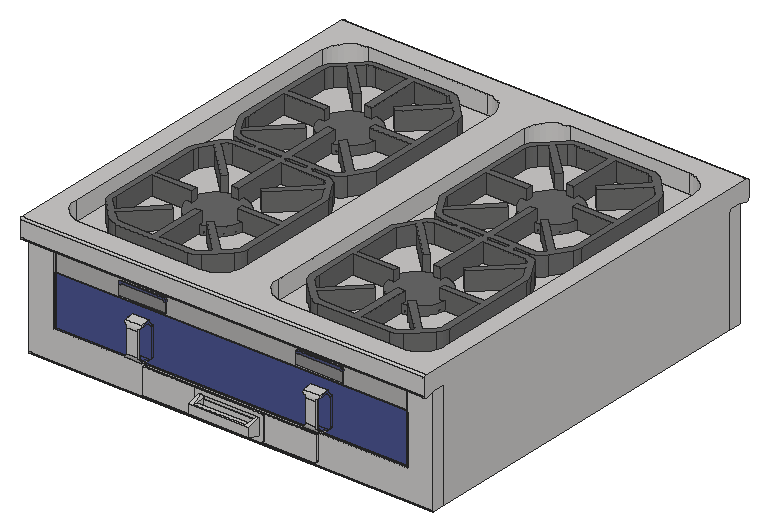
Revit family "QF_ELECTROLUXPROFESSIONAL_588052_MAGGACHOPI", category Specialty Equipment, Revit 2018 (continued)
Definition of nested family "EG_800_500_Single Range Control Handle Back Panel"
  Definition of nested family "Range Control Handle"
    Forms (mm)
      Sweep 2, solid
        path origin (-746.788, 380.496, 208.091) x (0, -1, 0) y (0, 0, 1)
          loop
            line (379.775, 793.281) -> (395.661, 791.048)
            arc (395.661, 791.048) -> (397.781, 787.377) -> (398.517, 783.202) r 12.207
            line (398.517, 783.202) -> (398.517, 737.368)
            arc (398.517, 737.368) -> (397.781, 733.193) -> (395.661, 729.522) r 12.207
            line (395.661, 729.522) -> (379.775, 727.289)
        profile origin (-746.788, -7.222, 1000.256) x (0, -0.139173, 0.990268) y (-1, 0, 0)
          loop
            line (0.782, -763.123) -> (0.782, -730.907) -> (-1.322, -730.907) -> (-1.322, -763.123) -> (0.782, -763.123)
      Sweep 3, solid
        path origin (-746.788, 380.715, 207.832) x (0, -1, 0) y (0, 0, 1)
          loop
            line (380.478, 795.442) -> (397.218, 793.09)
            arc (397.218, 793.09) -> (399.929, 788.473) -> (400.871, 783.202) r 15.207
            line (400.871, 783.202) -> (400.871, 737.584)
            arc (400.871, 737.584) -> (399.914, 732.274) -> (397.164, 727.633) r 15.207
            line (397.164, 727.633) -> (380.601, 725.305)
        profile origin (-746.788, -8.132, 1002.099) x (0, -0.139173, 0.990268) y (-1, 0, 0)
          loop
            line (0.782, -763.123) -> (0.782, -730.907) -> (-1.322, -730.907) -> (-1.322, -763.123) -> (0.782, -763.123)
      Extrusion 4, void
        sketch origin (889.253, 220.666, 207.993) x (1, 0, 0) y (0, 0, 1)
          loop
            line (-943.038, 816.854) -> (-943.038, 703.686) -> (-899.466, 734.196) -> (-899.466, 786.344) -> (-943.038, 816.854)
        from 230.636 to 242.25
      Extrusion 5, void
        sketch origin (-888.8, 220.666, 207.993) x (-1, 0, 0) y (0, 0, -1)
          loop
            line (-943.038, -816.854) -> (-899.466, -786.344) -> (-899.466, -734.196) -> (-943.038, -703.686) -> (-943.038, -816.854)
        from 230.636 to 242.25
      Extrusion 6, solid
        sketch origin (0, 0, 0) x (1, 0, 0) y (0, 0, 1)
          loop
            circle (0, 971.092) r 7.736
        from -3.137 to -1.645
    Cuts and joins
      Extrusion 4, Extrusion 5 cuts Sweep 3
      Extrusion 4, Extrusion 5 cuts Sweep 2
      joined: Extrusion 1, Extrusion 6
    Lines and regions (mm)
      symbolic lines
        curve 1: line (16.334, -16.9, 0) -> (16.334, -19.227, 0)
        curve 2: spline (16.334, -19.227, 0) -> (15.87, -19.385, 0) -> (15.404, -19.536, 0) -> (14.936, -19.678, 0) -> (14.466, -19.813, 0) -> (13.995, -19.94, 0) -> (13.523, -20.059, 0) -> (13.049, -20.171, 0) -> (12.575, -20.274, 0) -> (12.099, -20.37, 0) -> (11.622, -20.458, 0) -> (11.144, -20.537, 0) -> (10.666, -20.609, 0)
        curve 3: line (10.666, -16.9, 0) -> (10.666, -20.938, 0)
        curve 4: line (-10.213, -20.938, 0) -> (10.666, -20.938, 0)
        curve 5: line (-10.213, -20.938, 0) -> (-10.213, -16.9, 0)
        curve 6: spline (-10.213, -20.609, 0) -> (-10.691, -20.537, 0) -> (-11.169, -20.458, 0) -> (-11.646, -20.37, 0) -> (-12.122, -20.274, 0) -> (-12.597, -20.171, 0) -> (-13.07, -20.059, 0) -> (-13.542, -19.94, 0) -> (-14.013, -19.813, 0) -> (-14.483, -19.678, 0) -> (-14.951, -19.536, 0) -> (-15.417, -19.385, 0) -> (-15.881, -19.227, 0)
        curve 7: line (-15.881, -19.227, 0) -> (-15.881, -16.9, 0)
  Definition of nested family "glass conrol panel"
    Reference planes
      plane 1 "Center (Front/Back)": y = 0
      plane 2: z = 0
      plane 3 "Center (Left/Right)": x = 0
    Forms (mm)
      Extrusion 1, solid
        sketch origin (378.286, 0, 0.617) x (1, 0, 0) y (0, 0, 1)
          loop
            line (-750.286, 806.791) -> (-750.286, 708.497) -> (-6.286, 708.497) -> (-6.286, 806.791) -> (-750.286, 806.791)
        from 300.031 to 304.8
      Extrusion 2, solid
        sketch origin (378.286, 0, 0.617) x (1, 0, 0) y (0, 0, 1)
          loop
            line (-750.286, 850.497) -> (-750.286, 806.791) -> (-6.286, 806.791) -> (-6.286, 850.497) -> (-750.286, 850.497)
        from 300.031 to 304.8
      Extrusion 3, void
        sketch origin (378.286, 0, 0.617) x (1, 0, 0) y (0, 0, 1)
          loop
            line (-747.628, 847.565) -> (-747.628, 710.699) -> (-9.196, 710.699) -> (-9.196, 847.565) -> (-747.628, 847.565)
        from 303.697 to 304.8
      Extrusion 4, solid
        sketch origin (-108.309, 1.101, -0.633) x (-1, 0, 0) y (0, 0, -1)
          loop
            line (-261.431, -812.62) -> (-355.186, -812.62) -> (-355.186, -834.177) -> (-350.269, -834.177) -> (-348.469, -835.977) -> (-268.039, -835.977) -> (-266.24, -834.177) -> (-261.431, -834.177) -> (-261.431, -812.62)
        from 304.798 to 306.745
      Extrusion 5, solid
        sketch origin (-108.309, 1.101, -0.633) x (-1, 0, 0) y (0, 0, -1)
          loop
            line (-350.269, -834.177) -> (-355.078, -834.177)
            arc (-355.078, -834.177) -> (-353.942, -838.747) -> (-349.686, -840.763) r 5.5
            line (-349.686, -840.763) -> (-266.98, -840.763)
            arc (-266.98, -840.763) -> (-262.706, -838.752) -> (-261.529, -834.177) r 5.549
            line (-261.529, -834.177) -> (-266.24, -834.177) -> (-268.039, -835.977) -> (-348.469, -835.977) -> (-350.269, -834.177)
        from 304.798 to 306.745
      Extrusion 6, solid
        sketch origin (108.309, 1.101, -0.633) x (1, 0, 0) y (0, 0, 1)
          loop
            line (-261.431, 812.62) -> (-261.431, 834.177) -> (-266.24, 834.177) -> (-268.039, 835.977) -> (-348.469, 835.977) -> (-350.269, 834.177) -> (-355.186, 834.177) -> (-355.186, 812.62) -> (-261.431, 812.62)
        from 304.798 to 306.745
      Extrusion 7, solid
        sketch origin (108.309, 1.101, -0.633) x (1, 0, 0) y (0, 0, 1)
          loop
            line (-350.269, 834.177) -> (-348.469, 835.977) -> (-268.039, 835.977) -> (-266.24, 834.177) -> (-261.529, 834.177)
            arc (-261.529, 834.177) -> (-262.706, 838.752) -> (-266.98, 840.763) r 5.549
            line (-266.98, 840.763) -> (-349.686, 840.763)
            arc (-349.686, 840.763) -> (-353.942, 838.747) -> (-355.078, 834.177) r 5.5
            line (-355.078, 834.177) -> (-350.269, 834.177)
        from 304.798 to 306.745
    Cuts and joins
      Extrusion 3 cuts Extrusion 1
      Extrusion 3 cuts Extrusion 2
    Dimensions and locks
      aligned and locked: Extrusion 1 to Extrusion 2
      aligned and locked: Extrusion 5 sketch curve to Extrusion 4  (x5)
      aligned and locked: Extrusion 5 to Extrusion 4
      aligned and locked: Extrusion 7 sketch curve to Extrusion 6  (x4)
      aligned and locked: Extrusion 6 to Extrusion 7 sketch curve
      aligned and locked: Extrusion 7 to Extrusion 6
